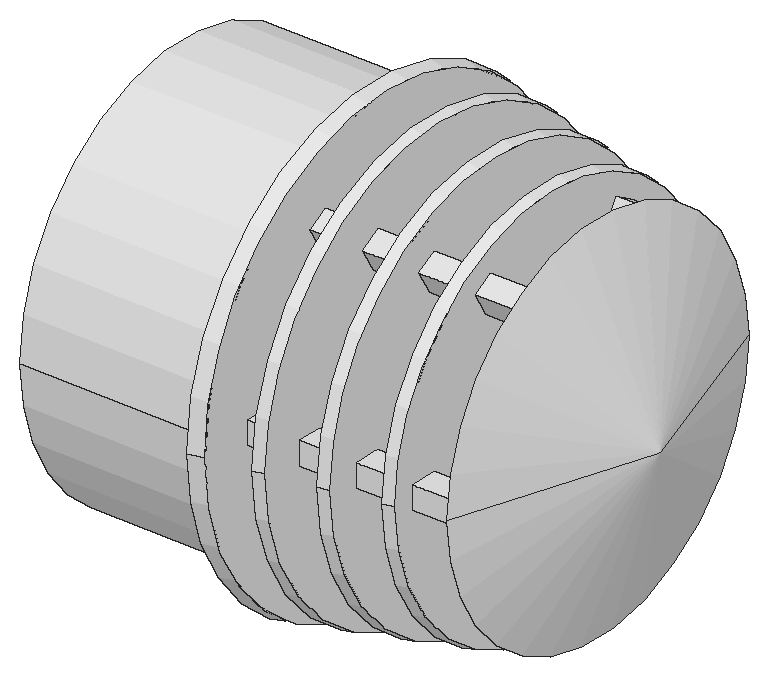
Revit family "Terminal_Ventilacao", category Pipe Fittings, Revit 2025
Family settings
  Round Connector Dimension = Use Radius
  Part Type = Cap
  Work Plane-Based = No
  Always vertical = Yes
  Cut with Voids When Loaded = No
  Shared = No
Parameters (values of type "Standard")
  URL = "http://www.tigre.com.br"
  Type Comments = ""
  Tigre: Sistema = "Esgoto"  # constant formula
  Tigre: Norma = ""
  Tigre: Material = "PVC Branco"  # constant formula
  Tigre: Marcador [instance] = "00"
  Tigre: Link do Produto = "http://www.tigre.com.br/pt/produtos_unico.php?rcr_id=4&cpr_id=10&cpr_id_pai=4&lnh_id=9&prd_id=724"
  Tigre: Linha = "Série Normal"  # constant formula
  Tigre: Fabricante = "© Tigre S/A"  # constant formula
  Tigre: Descrição [instance] = if(Diâmetro Nominal = 50.00 mm, "Terminal de Ventilação 50mm, Esgoto Série Normal - TIGRE", if(Diâmetro Nominal = 75.00 mm, "Terminal de Ventilação 75mm, Esgoto Série Normal - TIGRE", if(Diâmetro Nominal = 100.00 mm, "Terminal de Ventilação 100mm, Esgoto Série Normal - TIGRE", "Produto Inexistente")))  # "Terminal de Ventilação 50mm, Esgoto Série Normal - TIGRE"
  Tigre: Código com Separador [instance] = if(Diâmetro Nominal = 50.00 mm, "59.50.271.9", if(Diâmetro Nominal = 75.00 mm, "59.50.298.0", if(Diâmetro Nominal = 100.00 mm, "59.50.299.9", "Produto ou Código Inexistente")))  # "59.50.271.9"
  Tigre: Código [instance] = if(Diâmetro Nominal = 50.00 mm, 59502719, if(Diâmetro Nominal = 75.00 mm, 59502980, if(Diâmetro Nominal = 100.00 mm, 59502999, 0)))  # 59502719
  Tigre: Comentários [instance] = ""
  Representação Unifilar [instance] = Diâmetro Nominal * 0.2  # 10 mm
  Raio Nominal [instance] = 25 mm
  Raio Externo 2 [instance] = size_lookup(Lookup Table Name, "RE2", 0.53 * Diâmetro Nominal + 4.25 mm, Diâmetro Nominal)  # 31 mm
  Raio Externo 1 [instance] = size_lookup(Lookup Table Name, "RE1", 0.52 * Diâmetro Nominal + 0.87 mm, Diâmetro Nominal)  # 27 mm
  Raio 2 [instance] = size_lookup(Lookup Table Name, "R2", 0.449 * Diâmetro Nominal + 1.26 mm, Diâmetro Nominal)  # 23.6 mm
  Raio 1 [instance] = size_lookup(Lookup Table Name, "R1", 0.46 * Diâmetro Nominal - 2.81 mm, Diâmetro Nominal)  # 20 mm
  Model = ""
  Manufacturer = Tigre: Fabricante  # "© Tigre S/A"
  Loss Method = Not Defined
  Lookup Table Name = "Terminal de Ventilacao - Serie Normal - Esgoto - MEP - Tigre"
  Esgoto Série Normal = none
  Diâmetro Nominal [instance] = Raio Nominal * 2  # 50 mm
  Description = "Terminal de Ventilação, Esgoto Série Normal - TIGRE"
  Default Elevation = 0.00 mm
  Cota C [instance] = size_lookup(Lookup Table Name, "CotC", 0.29 * Diâmetro Nominal + 10.58 mm, Diâmetro Nominal)  # 25.5 mm
  Cota B [instance] = size_lookup(Lookup Table Name, "CotB", 0.096 * Diâmetro Nominal + 3.33 mm, Diâmetro Nominal)  # 8.4 mm
  Cota A [instance] = size_lookup(Lookup Table Name, "CotA", 0.42 * Diâmetro Nominal + 42.50 mm, Diâmetro Nominal)  # 64 mm
Reference planes
  plane 1 "Center (Front/Back)": y = 0
  plane 2: z = 0
  plane 3 "Center (Left/Right)": x = 0
  plane 4: y = 10
  plane 5: y = -10
  plane 6: x = 25.5
  plane 7: x = 33.025
  plane 8: x = 40.55
  plane 9: x = 48.075
  plane 10: x = 55.6
  plane 11: x = 64
  plane 12: y = 31
  plane 13: y = -31
Forms (mm)
  Sweep 1, solid, material "PVC", detail levels fine
    path origin (0, 0, 0) x (1, 0, 0) y (0, 1, 0)
      loop
        line (0, 0) -> (25.5, 0)
    profile origin (12.75, 0, 0) x (0, 1, 0) y (0, 0, 1)
      loop
        circle (0, 0) r 27
      loop
        circle (0, 0) r 25
  Sweep 2, solid, material "PVC", detail levels fine
    path origin (0, 0, 0) x (1, 0, 0) y (0, 1, 0)
      loop
        line (25.5, 0) -> (27.5, 0)
    profile origin (26.5, 0, 0) x (0, 1, 0) y (0, 0, 1)
      loop
        circle (0, 0) r 31
  Sweep 3, solid, material "PVC", detail levels fine
    path origin (0, 0, 0) x (1, 0, 0) y (0, 1, 0)
      loop
        line (33.025, 0) -> (34.525, 0)
    profile origin (33.775, 0, 0) x (0, 1, 0) y (0, 0, 1)
      loop
        circle (0, 0) r 31
  Sweep 4, solid, material "PVC", detail levels fine
    path origin (0, 0, 0) x (1, 0, 0) y (0, 1, 0)
      loop
        line (40.55, 0) -> (42.055, 0)
    profile origin (41.302, 0, 0) x (0, 1, 0) y (0, 0, 1)
      loop
        circle (0, 0) r 31
  Sweep 5, solid, material "PVC", detail levels fine
    path origin (0, 0, 0) x (1, 0, 0) y (0, 1, 0)
      loop
        line (48.075, 0) -> (49.578, 0)
    profile origin (48.827, 0, 0) x (0, 1, 0) y (0, 0, 1)
      loop
        circle (0, 0) r 31
  Sweep 6, solid, material "PVC", detail levels fine
    path origin (0, 0, 0) x (1, 0, 0) y (0, 1, 0)
      loop
        line (55.6, 0) -> (57.296, 0)
    profile origin (56.448, 0, 0) x (0, 1, 0) y (0, 0, 1)
      loop
        circle (0, 0) r 31
  Sweep 7, solid, material "PVC", detail levels fine
    path origin (0, 0, 0) x (1, 0, 0) y (0, 1, 0)
      loop
        line (57.296, 0) -> (64, 0)
    profile origin (60.648, 0, 0) x (0, 1, 0) y (0, 0, 1)
      loop
        circle (0, 0) r 31
  Revolve 8, void
    sketch origin (0, 0, 0) x (1, 0, 0) y (0, 1, 0)
      loop
        line (25.5, 31) -> (55.6, 25.149) -> (64, 0) -> (65.338, 0) -> (65.338, 38.176) -> (25.5, 38.176) -> (25.5, 31)
      axis (25.5, 0) -> (65.338, 0)
    angle from 0 to 360
  Extrusion 9, solid, material "PVC", detail levels fine
    sketch origin (0, 0, 0) x (0, 1, 0) y (0, 0, 1)
      loop
        arc (13.076, 19.646) -> (11.8, 20.438) -> (10.476, 21.147) r 23.6
        line (10.476, 21.147) -> (8.672, 18.022)
        arc (8.672, 18.022) -> (10, 17.321) -> (11.272, 16.521) r 20
        line (11.272, 16.521) -> (13.076, 19.646)
      loop
        line (-13.076, 19.646) -> (-11.272, 16.521)
        arc (-11.272, 16.521) -> (-10, 17.321) -> (-8.672, 18.022) r 20
        line (-8.672, 18.022) -> (-10.476, 21.147)
        arc (-10.476, 21.147) -> (-11.8, 20.438) -> (-13.076, 19.646) r 23.6
      loop
        line (13.076, -19.646) -> (11.272, -16.521)
        arc (11.272, -16.521) -> (10, -17.321) -> (8.672, -18.022) r 20
        line (8.672, -18.022) -> (10.476, -21.147)
        arc (10.476, -21.147) -> (11.8, -20.438) -> (13.076, -19.646) r 23.6
      loop
        arc (-13.076, -19.646) -> (-11.8, -20.438) -> (-10.476, -21.147) r 23.6
        line (-10.476, -21.147) -> (-8.672, -18.022)
        arc (-8.672, -18.022) -> (-10, -17.321) -> (-11.272, -16.521) r 20
        line (-11.272, -16.521) -> (-13.076, -19.646)
      loop
        arc (23.552, -1.501) -> (23.6, 0) -> (23.552, 1.501) r 23.6
        line (23.552, 1.501) -> (19.944, 1.501)
        arc (19.944, 1.501) -> (20, 0) -> (19.944, -1.501) r 20
        line (19.944, -1.501) -> (23.552, -1.501)
      loop
        line (-23.552, -1.501) -> (-19.944, -1.501)
        arc (-19.944, -1.501) -> (-20, 0) -> (-19.944, 1.501) r 20
        line (-19.944, 1.501) -> (-23.552, 1.501)
        arc (-23.552, 1.501) -> (-23.6, 0) -> (-23.552, -1.501) r 23.6
    from 25.5 to 55.6
Cuts and joins
  Revolve 8 cuts Sweep 1
  Revolve 8 cuts Sweep 2
  Revolve 8 cuts Sweep 3
  Revolve 8 cuts Sweep 4
  Revolve 8 cuts Sweep 5
  Revolve 8 cuts Sweep 6
  Revolve 8 cuts Sweep 7
  joined: Sweep 1, Sweep 2, Sweep 3, Sweep 4, Sweep 5, Sweep 6, Sweep 7, Extrusion 9
Lines and regions (mm)
  reference lines
    curve 1: circle (0, 0, 0) r 20 normal (1, 0, 0)
    curve 2: circle (0, 0, 0) r 23.6 normal (1, 0, 0)
    curve 3: line (0, 0, 0) -> (0, 17.002, 29.448)
    curve 4: line (0, 0, 0) -> (0, -17.002, 29.448)
    curve 5: line (0, 0, 0) -> (0, -17.002, -29.448)
    curve 6: line (0, 0, 0) -> (0, 17.002, -29.448)
  model lines, detail levels coarse+medium
    curve 7: line (0, 0, 0) -> (64, 0, 0)
    curve 8: line (64, 31, 0) -> (64, -31, 0)
    curve 9: line (64, 31, 0) -> (25.5, 31, 0)
    curve 10: line (64, -31, 0) -> (25.5, -31, 0)
Dimensions and locks
  equal spacing: plane 5, plane 1 "Center (Front/Back)", plane 4
  "Representação Unifilar": plane 4 to plane 1 "Center (Front/Back)"
  "Cota A": plane 3 "Center (Left/Right)" to plane 11
  "Cota C": plane 3 "Center (Left/Right)" to plane 6
  "Cota B": plane 10 to plane 11
  equal spacing: plane 6, plane 7, plane 8, plane 9, plane 10
  equal spacing: plane 13, plane 1 "Center (Front/Back)", plane 12
  "Raio Externo 2": plane 1 "Center (Front/Back)" to plane 12
  locked: plane 6 to Sweep 2 sketch curve at 2
  locked: plane 7 to Sweep 3 sketch curve at 1.5
  locked: plane 8 to Sweep 4 sketch curve at 1.505
  locked: plane 9 to Sweep 5 sketch curve at 1.503
  locked: plane 10 to Sweep 6 sketch curve at 1.696
  locked: plane 11 to Revolve 8 sketch curve at 1.338
  locked: curve 3 to Extrusion 9 sketch curve at 1.501
  locked: Extrusion 9 sketch curve to curve 3 at 1.501
  locked: Extrusion 9 sketch curve to curve 4 at 1.501
  locked: curve 4 to Extrusion 9 sketch curve at 1.501
  locked: Extrusion 9 sketch curve to curve 6 at 1.501
  locked: curve 6 to Extrusion 9 sketch curve at 1.501
  locked: curve 5 to Extrusion 9 sketch curve at 1.501
  locked: Extrusion 9 sketch curve to curve 5 at 1.501
  locked: level to Extrusion 9 sketch curve at 1.501  (x2)
  locked: Extrusion 9 sketch curve to level at 1.501  (x2)
  locked: plane 12 to Revolve 8 sketch curve at 7.176
  "Raio Externo 1": radius of Sweep 1 sketch curve
  "Raio Externo 2": radius of Sweep 2 sketch curve
  "Raio 1": radius of curve 1
  "Raio 2": radius of curve 2
  "Raio Nominal": radius of Sweep 1 sketch curve
  locked: curve 3 to level (angle 60.00°)
  locked: level to curve 4 (angle 60.00°)
  locked: level to curve 6 (angle 60.00°)
  locked: curve 5 to level (angle 60.00°)
  locked: Revolve 8 sketch curve to plane 12 (angle 11.00°)
  aligned and locked: plane 3 "Center (Left/Right)" to Sweep 1 sketch curve
  aligned and locked: plane 6 to Sweep 1 sketch curve
  aligned and locked: plane 1 "Center (Front/Back)" to Sweep 1 sketch curve
  aligned and locked: plane 6 to Sweep 2 sketch curve
  aligned and locked: plane 7 to Sweep 3 sketch curve
  aligned and locked: Sweep 3 sketch curve to Sweep 2  (x2)
  aligned and locked: plane 8 to Sweep 4 sketch curve
  aligned and locked: Sweep 4 sketch curve to Sweep 2  (x2)
  aligned and locked: plane 9 to Sweep 5 sketch curve
  aligned and locked: plane 1 "Center (Front/Back)" to Sweep 5 sketch curve
  aligned and locked: Sweep 5 sketch curve to Sweep 2  (x2)
  aligned and locked: plane 10 to Sweep 6 sketch curve
  aligned and locked: Sweep 6 sketch curve to Sweep 2  (x2)
  aligned and locked: plane 11 to Sweep 7 sketch curve
  aligned and locked: Sweep 6 to Sweep 7 sketch curve
  aligned and locked: plane 1 "Center (Front/Back)" to Sweep 7 sketch curve
  aligned and locked: Sweep 7 sketch curve to Sweep 2  (x2)
  aligned and locked: plane 1 "Center (Front/Back)" to Revolve 8 sketch curve  (x2)
  aligned and locked: plane 6 to Extrusion 9
  aligned and locked: Extrusion 9 to plane 10
  aligned and locked: Extrusion 9 sketch curve to curve 1  (x6)
  aligned and locked: Extrusion 9 sketch curve to curve 2  (x6)
  aligned and locked: plane 6 to curve 9
  aligned and locked: plane 6 to curve 10
  aligned and locked: plane 11 to curve 8
  aligned and locked: plane 3 "Center (Left/Right)" to curve 7
  aligned and locked: plane 11 to curve 7
  aligned and locked: plane 13 to curve 10
  aligned and locked: curve 9 to plane 12
  aligned and locked: plane 1 "Center (Front/Back)" to curve 7
  aligned and locked: Revolve 8 sketch curve to plane 6
  aligned and locked: plane 10 to Revolve 8 sketch curve
Automatic sketch dimensions
  plane 1 "Center (Front/Back)" to Sweep 3 sketch curve = 0.00 mm
  plane 1 "Center (Front/Back)" to Sweep 4 sketch curve = 0.00 mm
  plane 1 "Center (Front/Back)" to Sweep 2 sketch curve = 0.00 mm
  Sweep 2 sketch curve to level = 0.00 mm
  Sweep 2 sketch curve to profile plane = 0.00 mm
  plane 1 "Center (Front/Back)" to Sweep 6 sketch curve = 0.00 mm
  curve 1 to curve 2 = 0.00 mm  (x2)
  curve 6 to level = 0.00 mm
  curve 6 to plane 1 "Center (Front/Back)" = 0.00 mm
  curve 1 to level = 0.00 mm
  curve 1 to plane 1 "Center (Front/Back)" = 0.00 mm
  Sweep 1 sketch curve to Sweep 1 sketch curve = 0.00 mm  (x2)
  Sweep 1 sketch curve to level = 0.00 mm
  Sweep 1 sketch curve to profile plane = 0.00 mm
  Revolve 8 sketch curve to plane 11 = 0.00 mm
  plane 12 to Revolve 8 sketch curve = 0.00 mm
  Revolve 8 sketch curve to Revolve 8 sketch curve = 0.00 mm
  Revolve 8 sketch curve to Revolve 8 sketch curve = 10.00 mm
Connectors
  piping at (25.5, 0, 0), diameter 50, driven by "Raio Nominal"
    settings: on cut or joined group of Sweep 1, Sweep 2, Sweep 3, Sweep 4, Sweep 5, Sweep 6, Sweep 7, Revolve 8, Extrusion 9, index 1, connector inside diameter 50 mm, connector length 0.00 mm, flow factor 0, pipe flow 0.0 L/s, pressure drop 0.0 Pa, fitting loss kfactor 0, connector angle 0.00°, fixture units 0, engagement length 0.00 mm, angle of deflection 0.00°, flow configuration 0, flow direction 0, fitting loss method 0, system type 28, joint type 0, gender type 0, connector reference index -1, connector utility 0, adjustable connector no, is connector primary yes, connector description ""
